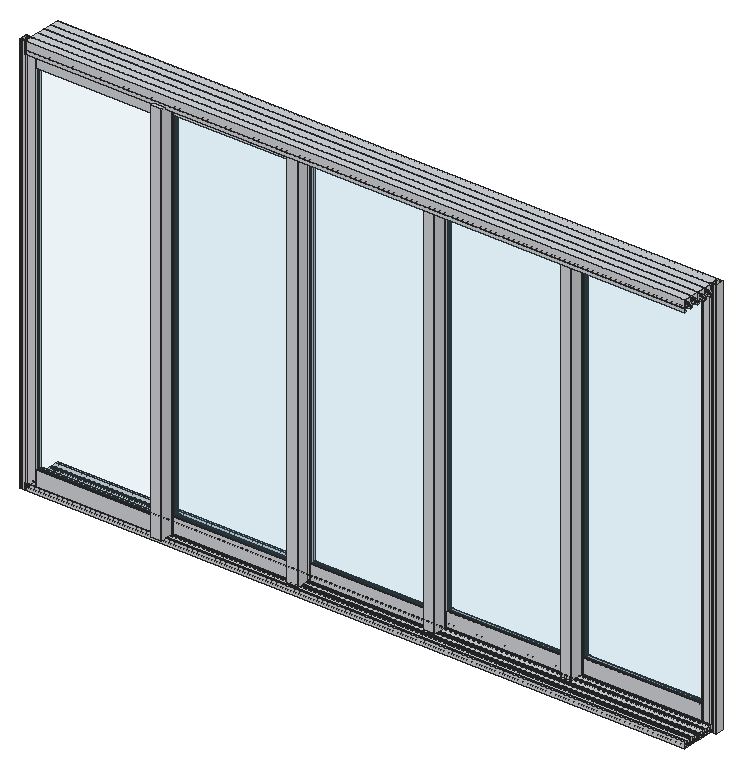
Revit family "MT-HB_SLIDING DOOR_XXXXX", category Doors, host Wall, Revit 2017 (continued)
Definition of nested family "HB_SLIDING_GLAZED PANEL_XX_TYPE 1"
  Definition of nested family "DETAIL_DBL_HB_BOTTOM RAIL"
    Lines and regions (mm)
      model lines, in view "Ref. Level"
        curve 108: line (12.75, -24.699, 0) -> (4.606, -24.699, 0)
        curve 109: line (4.106, -24.199, 0) -> (4.106, -22.199, 0)
        curve 110: line (4.606, -21.699, 0) -> (5.371, -21.699, 0)
        curve 111: line (5.725, -21.846, 0) -> (6.187, -22.308, 0)
        curve 112: line (6.47, -22.308, 0) -> (6.823, -21.954, 0)
        curve 113: line (6.97, -21.601, 0) -> (6.97, -20.499, 0)
        curve 114: line (6.524, -20.002, 0) -> (-20, -20.002, 0)
        curve 115: line (-20.5, -19.502, 0) -> (-20.5, -8.615, 0)
        curve 116: line (-18.599, -9.39, 0) -> (-17.097, -9.39, 0)
        curve 117: line (-16.002, -9.606, 0) -> (-16.002, -7.521, 0)
        curve 118: line (-16.802, -7.495, 0) -> (-16.802, -8.2, 0)
        curve 119: line (-16.802, -8.2, 0) -> (-17.936, -8.2, 0)
        curve 120: arc (-17.936, -8.2, 0) -> (-18.111, -7.683, 0) -> (-18.249, -7.155, 0) r 7.567
        curve 121: arc (-18.249, -7.155, 0) -> (-18.319, -7.043, 0) -> (-18.444, -6.999, 0) r 0.2
    Dimensions and locks
      aligned and locked: plane 1 "Center (Front/Back)" to import instance
    Automatic sketch dimensions
      curve 9 to curve 42 = 0 mm  (x3)
      curve 23 to curve 50 = 0.1 mm
      curve 23 to curve 50 = 0 mm
      curve 26 to curve 120 = 0 mm  (x2)
      curve 32 to plane 4 = 0 mm
      plane 1 "Center (Front/Back)" to curve 87 = 0 mm
      curve 32 to plane 6 = 0 mm
      curve 99 to plane 6 = 0 mm
      curve 100 to plane 5 = 0 mm
      plane 4 to curve 87 = 0.4 mm
      curve 88 to curve 32 = 0.5 mm
      plane 6 to curve 33 = 0.5 mm
      curve 32 to curve 33 = 1 mm
      plane 4 to curve 115 = 2 mm
      plane 4 to curve 59 = 2 mm
      curve 78 to curve 2 = 0 mm
      curve 75 to curve 78 = 0 mm
      curve 78 to curve 77 = 0.132 mm
      curve 59 to curve 58 = 0.132 mm
      curve 78 to curve 57 = 0.132 mm
      curve 75 to curve 76 = 0.132 mm
      curve 78 to curve 21 = 0.2 mm
      curve 59 to curve 2 = 0.2 mm
      curve 75 to curve 19 = 0.2 mm
      curve 78 to curve 22 = 0.2 mm
      curve 115 to curve 49 = 0.5 mm
      curve 115 to curve 48 = 0.5 mm
      curve 3 to curve 60 = 0.5 mm
      curve 34 to curve 34 = 0.5 mm
      curve 75 to curve 74 = 0.5 mm
      curve 49 to curve 80 = 0 mm
      plane 1 "Center (Front/Back)" to curve 30 = 0.4 mm
      curve 31 to curve 30 = 2.4 mm
      curve 49 to curve 51 = 0.434 mm
      curve 24 to curve 24 = 0.5 mm
      curve 80 to curve 23 = 0.5 mm
      curve 2 to curve 1 = 1.168 mm
      curve 19 to curve 20 = 1.168 mm
      curve 20 to curve 77 = 0.103 mm
      curve 1 to curve 57 = 0.103 mm
      curve 1 to curve 58 = 0.103 mm
      curve 20 to curve 76 = 0.103 mm
      curve 29 to curve 29 = 0.5 mm
      curve 51 to curve 53 = 0.967 mm
      curve 24 to curve 81 = 1.052 mm
      curve 50 to curve 79 = 0.956 mm
      curve 81 to curve 25 = 0.008 mm
      curve 121 to curve 119 = 0.509 mm
      curve 25 to curve 82 = 0.511 mm
      curve 119 to curve 116 = 0.838 mm
      curve 120 to curve 118 = 1.134 mm
      curve 26 to curve 82 = 1.13 mm
      curve 54 to curve 55 = 0.695 mm
      curve 118 to curve 56 = 0.4 mm
      curve 82 to curve 28 = 0.4 mm
      curve 27 to curve 27 = 0.4 mm
      curve 56 to curve 117 = 0.399 mm
      curve 28 to curve 84 = 0.4 mm
      curve 3 to curve 60 = 4 mm
      curve 4 to curve 61 = 0.5 mm
      curve 5 to curve 62 = 0.5 mm
      curve 5 to curve 6 = 1 mm
      curve 91 to curve 92 = 6.25 mm
      curve 6 to curve 63 = 0.5 mm
      curve 91 to curve 92 = 0.5 mm
      curve 7 to curve 64 = 0.5 mm
      curve 92 to curve 93 = 0.5 mm
      curve 27 to curve 52 = 5.136 mm
      curve 52 to curve 120 = 0 mm
      plane 3 "Center (Left/Right)" to curve 64 = 1.606 mm
      curve 8 to curve 65 = 0.5 mm
      curve 9 to curve 109 = 2 mm
      curve 42 to curve 42 = 0.5 mm
      curve 43 to curve 110 = 0.5 mm
      curve 43 to curve 44 = 0.765 mm
      curve 44 to curve 111 = 0.354 mm
      curve 111 to curve 111 = 0.462 mm
      curve 111 to curve 45 = 0.141 mm  (x2)
      curve 44 to curve 47 = 0.745 mm
      curve 45 to curve 112 = 0.141 mm
      curve 45 to curve 46 = 0.141 mm
      curve 47 to curve 114 = 0.054 mm
      curve 46 to curve 112 = 0.354 mm
      curve 47 to curve 113 = 0.5 mm
      curve 94 to plane 5 = 9.75 mm
      curve 112 to curve 107 = 5.927 mm
      curve 94 to curve 96 = 0.5 mm
      curve 107 to curve 107 = 0.5 mm  (x2)
      curve 106 to curve 106 = 0.5 mm
      curve 95 to curve 97 = 0.5 mm
      curve 71 to plane 5 = 3.403 mm
      curve 68 to curve 69 = 0 mm
      curve 72 to curve 71 = 0 mm
      curve 68 to curve 12 = 0.103 mm
      curve 71 to curve 15 = 0.103 mm
      curve 102 to plane 5 = 3.046 mm
      curve 39 to curve 39 = 0.354 mm
      curve 10 to plane 5 = 2.5 mm
      curve 17 to plane 5 = 2.5 mm
      curve 35 to plane 5 = 2.5 mm
      curve 15 to curve 14 = 1.203 mm
      curve 72 to curve 16 = 1.203 mm
      curve 12 to curve 13 = 1.203 mm
      curve 68 to curve 11 = 1.203 mm
      curve 11 to curve 68 = 0.068 mm
      curve 13 to curve 69 = 0.068 mm
      curve 14 to curve 71 = 0.068 mm
      curve 16 to curve 72 = 0.068 mm
      curve 103 to curve 41 = 0.604 mm
      curve 16 to curve 73 = 0.2 mm
      curve 14 to curve 70 = 0.2 mm
      curve 11 to curve 67 = 0.2 mm
      curve 35 to curve 98 = 0.5 mm
      curve 103 to curve 40 = 0.704 mm
      curve 40 to curve 104 = 0.2 mm
      curve 36 to curve 36 = 0.5 mm
      curve 101 to plane 5 = 0.817 mm
      curve 37 to plane 5 = 0.416 mm
      curve 99 to plane 5 = 0.4 mm
      curve 101 to plane 5 = 0.2 mm
      plane 6 to curve 37 = 0.423 mm
      curve 33 to curve 90 = 46.503 mm
      curve 98 to curve 91 = 0.5 mm
      curve 91 to curve 93 = 0 mm
      curve 91 to curve 74 = 2.5 mm
      curve 73 to curve 16 = 7.348 mm
      curve 18 to curve 19 = 7.348 mm
      curve 19 to curve 76 = 0.463 mm
      curve 16 to curve 72 = 0.463 mm
      curve 20 to curve 20 = 0.282 mm
      curve 15 to curve 15 = 0.282 mm
      curve 77 to curve 77 = 0.463 mm
      curve 71 to curve 71 = 0.463 mm
      curve 21 to curve 22 = 23.874 mm
      curve 14 to curve 13 = 23.874 mm
      curve 13 to curve 69 = 0.463 mm
      curve 22 to curve 57 = 0.463 mm
      curve 69 to curve 12 = 0.282 mm
      curve 57 to curve 1 = 0.282 mm
      curve 1 to curve 58 = 0.463 mm
      curve 68 to curve 68 = 0.463 mm
      curve 67 to curve 67 = 7.348 mm
      curve 1 to curve 62 = 8.499 mm
      curve 104 to curve 104 = 1.2 mm
      curve 9 to curve 65 = 1.697 mm
      curve 61 to curve 7 = 0 mm
      curve 39 to curve 39 = 0.5 mm
      curve 42 to curve 112 = 1.891 mm
      curve 42 to curve 109 = 2 mm
      curve 44 to curve 44 = 0.5 mm
      curve 112 to curve 112 = 0.354 mm
      curve 46 to curve 113 = 1.101 mm
      curve 40 to curve 100 = 2.8 mm
      curve 54 to curve 30 = 9.29 mm
      curve 54 to curve 55 = 0.083 mm
      curve 54 to curve 116 = 0.3 mm
      curve 53 to curve 53 = 0.2 mm
      curve 53 to curve 51 = 0.497 mm
      curve 51 to curve 115 = 0.077 mm
      curve 54 to curve 118 = 1.19 mm
      curve 118 to curve 117 = 0.679 mm
      curve 120 to curve 121 = 1.001 mm
      curve 121 to curve 79 = 0.2 mm
      curve 79 to curve 23 = 0.5 mm
      curve 56 to curve 52 = 2.014 mm
      curve 52 to curve 26 = 0 mm
      curve 80 to curve 80 = 2 mm
      curve 81 to curve 25 = 0.2 mm
      curve 25 to curve 84 = 0.338 mm
      curve 25 to curve 82 = 1.044 mm
      curve 82 to curve 28 = 0.799 mm
      curve 50 to curve 49 = 0 mm
      curve 51 to curve 50 = 0 mm
      curve 79 to curve 23 = 0 mm
      curve 23 to curve 79 = 0 mm
      curve 52 to curve 51 = 0 mm
      curve 114 to curve 48 = 0 mm
      curve 69 to curve 13 = 1.403 mm
  Definition of nested family "DETAIL_HB422_DBL_LOCK STILE"
    Reference planes
      plane 1 "Center (Front/Back)": y = 0
      plane 2: z = 0
      plane 3 "Center (Left/Right)": x = 0
    Lines and regions (mm)
      model lines, in view "Ref. Level"
        curve 1: arc (48, -20.3, 0) -> (47.941, -20.441, 0) -> (47.8, -20.5, 0) r 0.2
        curve 2: arc (8.79, -20.5, 0) -> (8.436, -20.354, 0) -> (8.29, -20, 0) r 0.5
        curve 3: arc (8.29, -16, 0) -> (7.997, -15.293, 0) -> (7.29, -15, 0) r 1
        curve 4: arc (2.8, -15, 0) -> (2.446, -14.854, 0) -> (2.3, -14.5, 0) r 0.5
        curve 5: arc (2.3, 14.5, 0) -> (2.446, 14.854, 0) -> (2.8, 15, 0) r 0.5
        curve 6: arc (7.29, 15, 0) -> (7.997, 15.293, 0) -> (8.29, 16, 0) r 1
        curve 7: arc (8.29, 20, 0) -> (8.436, 20.354, 0) -> (8.79, 20.5, 0) r 0.5
        curve 8: arc (47.8, 20.5, 0) -> (47.941, 20.441, 0) -> (48, 20.3, 0) r 0.2
        curve 9: arc (76.142, -18.25, 0) -> (75.86, -18.425, 0) -> (75.75, -18.738, 0) r 0.5
        curve 10: arc (75.75, -19, 0) -> (75.604, -19.354, 0) -> (75.25, -19.5, 0) r 0.5
        curve 11: arc (73.75, -19.5, 0) -> (73.396, -19.354, 0) -> (73.25, -19, 0) r 0.5
        curve 12: arc (73.25, -18.738, 0) -> (73.14, -18.425, 0) -> (72.858, -18.25, 0) r 0.5
        curve 13: arc (72.858, -18.25, 0) -> (72.394, -18.131, 0) -> (71.937, -17.983, 0) r 7.567
        curve 14: arc (71.937, -17.983, 0) -> (71.841, -17.91, 0) -> (71.805, -17.795, 0) r 0.2
        curve 15: arc (71.805, -17.2, 0) -> (71.922, -16.917, 0) -> (72.205, -16.8, 0) r 0.4
        curve 16: arc (72.7, -16.8, 0) -> (72.841, -16.741, 0) -> (72.9, -16.6, 0) r 0.2
        curve 17: arc (72.9, -16.2, 0) -> (72.841, -16.059, 0) -> (72.7, -16, 0) r 0.2
        curve 18: arc (69.205, -16, 0) -> (68.922, -16.117, 0) -> (68.805, -16.4, 0) r 0.4
        curve 19: arc (68.805, -17.558, 0) -> (68.859, -17.758, 0) -> (69.005, -17.904, 0) r 0.4
        curve 20: arc (69.9, -18.421, 0) -> (70.046, -18.567, 0) -> (70.1, -18.767, 0) r 0.4
        curve 21: arc (70.1, -20.1, 0) -> (69.983, -20.383, 0) -> (69.7, -20.5, 0) r 0.4
        curve 22: arc (50.5, -20.5, 0) -> (50.146, -20.354, 0) -> (50, -20, 0) r 0.5
        curve 23: arc (50, 20, 0) -> (50.146, 20.354, 0) -> (50.5, 20.5, 0) r 0.5
        curve 24: arc (69.7, 20.5, 0) -> (69.983, 20.383, 0) -> (70.1, 20.1, 0) r 0.4
        curve 25: arc (70.1, 18.767, 0) -> (70.046, 18.567, 0) -> (69.9, 18.421, 0) r 0.4
        curve 26: arc (69.005, 17.904, 0) -> (68.859, 17.758, 0) -> (68.805, 17.558, 0) r 0.4
        curve 27: arc (68.805, 16.4, 0) -> (68.922, 16.117, 0) -> (69.205, 16, 0) r 0.4
        curve 28: arc (72.7, 16, 0) -> (72.841, 16.059, 0) -> (72.9, 16.2, 0) r 0.2
        curve 29: arc (72.9, 16.6, 0) -> (72.841, 16.741, 0) -> (72.7, 16.8, 0) r 0.2
        curve 30: arc (72.205, 16.8, 0) -> (71.922, 16.917, 0) -> (71.805, 17.2, 0) r 0.4
        curve 31: arc (71.805, 17.795, 0) -> (71.841, 17.91, 0) -> (71.937, 17.983, 0) r 0.2
        curve 32: arc (71.937, 17.983, 0) -> (72.394, 18.131, 0) -> (72.858, 18.25, 0) r 7.567
        curve 33: arc (72.858, 18.25, 0) -> (73.14, 18.425, 0) -> (73.25, 18.738, 0) r 0.5
        curve 34: arc (73.25, 19, 0) -> (73.396, 19.354, 0) -> (73.75, 19.5, 0) r 0.5
        curve 35: arc (75.25, 19.5, 0) -> (75.604, 19.354, 0) -> (75.75, 19, 0) r 0.5
        curve 36: arc (75.75, 18.738, 0) -> (75.86, 18.425, 0) -> (76.142, 18.25, 0) r 0.5
        curve 37: arc (76.142, 18.25, 0) -> (76.612, 18.129, 0) -> (77.073, 17.979, 0) r 7.567
        curve 38: arc (77.073, 17.979, 0) -> (77.169, 17.906, 0) -> (77.205, 17.791, 0) r 0.2
        curve 39: arc (77.205, 17.2, 0) -> (77.088, 16.917, 0) -> (76.805, 16.8, 0) r 0.4
        curve 40: arc (76.3, 16.8, 0) -> (76.159, 16.741, 0) -> (76.1, 16.6, 0) r 0.2
        curve 41: arc (76.1, 16.2, 0) -> (76.159, 16.059, 0) -> (76.3, 16, 0) r 0.2
        curve 42: arc (78, 16, 0) -> (78.283, 16.117, 0) -> (78.4, 16.4, 0) r 0.4
        curve 43: arc (78.4, 18.7, 0) -> (78.546, 19.054, 0) -> (78.9, 19.2, 0) r 0.5
        curve 44: arc (79.6, 19.2, 0) -> (79.883, 19.317, 0) -> (80, 19.6, 0) r 0.4
        curve 45: arc (80, 22, 0) -> (79.854, 22.354, 0) -> (79.5, 22.5, 0) r 0.5
        curve 46: arc (2.837, 22.5, 0) -> (2.552, 22.411, 0) -> (2.369, 22.175, 0) r 0.5
        curve 47: arc (2.369, 22.175, 0) -> (2.056, 21.318, 0) -> (1.756, 20.456, 0) r 63.5
        curve 48: arc (1.756, 20.456, 0) -> (2.151, 19.801, 0) -> (2.73, 20.3, 0) r 0.5
        curve 49: arc (1.71, 17, 0) -> (1.28, 17.5, 0) -> (0.728, 17.14, 0) r 0.5
        curve 50: arc (0.728, 17.14, 0) -> (0.355, 15.747, 0) -> (0.013, 14.346, 0) r 63.5
        curve 51: arc (0.013, -14.346, 0) -> (0.355, -15.747, 0) -> (0.728, -17.14, 0) r 63.5
        curve 52: arc (0.728, -17.14, 0) -> (1.28, -17.5, 0) -> (1.71, -17, 0) r 0.5
        curve 53: arc (2.73, -20.3, 0) -> (2.151, -19.801, 0) -> (1.756, -20.456, 0) r 0.5
        curve 54: arc (1.756, -20.456, 0) -> (2.056, -21.318, 0) -> (2.369, -22.175, 0) r 63.5
        curve 55: arc (2.369, -22.175, 0) -> (2.552, -22.411, 0) -> (2.837, -22.5, 0) r 0.5
        curve 56: arc (79.5, -22.5, 0) -> (79.854, -22.354, 0) -> (80, -22, 0) r 0.5
        curve 57: arc (80, -19.6, 0) -> (79.883, -19.317, 0) -> (79.6, -19.2, 0) r 0.4
        curve 58: arc (78.9, -19.2, 0) -> (78.546, -19.054, 0) -> (78.4, -18.7, 0) r 0.5
        curve 59: arc (78.4, -16.4, 0) -> (78.283, -16.117, 0) -> (78, -16, 0) r 0.4
        curve 60: arc (76.3, -16, 0) -> (76.159, -16.059, 0) -> (76.1, -16.2, 0) r 0.2
        curve 61: arc (76.1, -16.6, 0) -> (76.159, -16.741, 0) -> (76.3, -16.8, 0) r 0.2
        curve 62: arc (76.805, -16.8, 0) -> (77.088, -16.917, 0) -> (77.205, -17.2, 0) r 0.4
        curve 63: line (47.8, -20.5, 0) -> (8.79, -20.5, 0)
        curve 64: line (8.29, -20, 0) -> (8.29, -16, 0)
        curve 65: line (7.29, -15, 0) -> (2.8, -15, 0)
        curve 66: line (2.3, -14.5, 0) -> (2.3, 14.5, 0)
        curve 67: line (2.8, 15, 0) -> (7.29, 15, 0)
        curve 68: line (8.29, 16, 0) -> (8.29, 20, 0)
        curve 69: line (8.79, 20.5, 0) -> (47.8, 20.5, 0)
        curve 70: line (48, 20.3, 0) -> (48, -20.3, 0)
        curve 71: line (75.75, -18.738, 0) -> (75.75, -19, 0)
        curve 72: line (75.25, -19.5, 0) -> (73.75, -19.5, 0)
        curve 73: line (73.25, -19, 0) -> (73.25, -18.738, 0)
        curve 74: line (71.805, -17.795, 0) -> (71.805, -17.2, 0)
        curve 75: line (72.205, -16.8, 0) -> (72.7, -16.8, 0)
        curve 76: line (72.9, -16.6, 0) -> (72.9, -16.2, 0)
        curve 77: line (72.7, -16, 0) -> (69.205, -16, 0)
        curve 78: line (68.805, -16.4, 0) -> (68.805, -17.558, 0)
        curve 79: line (69.005, -17.904, 0) -> (69.9, -18.421, 0)
        curve 80: line (70.1, -18.767, 0) -> (70.1, -20.1, 0)
        curve 81: line (69.7, -20.5, 0) -> (50.5, -20.5, 0)
        curve 82: line (50, -20, 0) -> (50, -0.383, 0)
        curve 83: line (50, -0.383, 0) -> (49.7, 0, 0)
        curve 84: line (49.7, 0, 0) -> (49.941, 0.241, 0)
        curve 85: line (49.941, 0.241, 0) -> (50, 20, 0)
        curve 86: line (50.5, 20.5, 0) -> (69.7, 20.5, 0)
        curve 87: line (70.1, 20.1, 0) -> (70.1, 18.767, 0)
        curve 88: line (69.9, 18.421, 0) -> (69.005, 17.904, 0)
        curve 89: line (68.805, 17.558, 0) -> (68.805, 16.4, 0)
        curve 90: line (69.205, 16, 0) -> (72.7, 16, 0)
        curve 91: line (72.9, 16.2, 0) -> (72.9, 16.6, 0)
        curve 92: line (72.7, 16.8, 0) -> (72.205, 16.8, 0)
        curve 93: line (71.805, 17.2, 0) -> (71.805, 17.795, 0)
        curve 94: line (73.25, 18.738, 0) -> (73.25, 19, 0)
        curve 95: line (73.75, 19.5, 0) -> (75.25, 19.5, 0)
        curve 96: line (75.75, 19, 0) -> (75.75, 18.738, 0)
        curve 97: line (77.205, 17.791, 0) -> (77.205, 17.2, 0)
        curve 98: line (76.805, 16.8, 0) -> (76.3, 16.8, 0)
        curve 99: line (76.1, 16.6, 0) -> (76.1, 16.2, 0)
        curve 100: line (76.3, 16, 0) -> (78, 16, 0)
        curve 101: line (78.4, 16.4, 0) -> (78.4, 18.7, 0)
        curve 102: line (78.9, 19.2, 0) -> (79.6, 19.2, 0)
        curve 103: line (80, 19.6, 0) -> (80, 22, 0)
        curve 104: line (79.5, 22.5, 0) -> (2.837, 22.5, 0)
        curve 105: line (2.73, 20.3, 0) -> (6.29, 20.3, 0)
        curve 106: line (6.29, 20.3, 0) -> (6.29, 17, 0)
        curve 107: line (6.29, 17, 0) -> (1.71, 17, 0)
        curve 108: line (0, 14.233, 0) -> (0, -14.233, 0)
        curve 109: line (1.71, -17, 0) -> (6.29, -17, 0)
        curve 110: line (6.29, -17, 0) -> (6.29, -20.3, 0)
        curve 111: line (6.29, -20.3, 0) -> (2.73, -20.3, 0)
        curve 112: line (2.837, -22.5, 0) -> (79.5, -22.5, 0)
        curve 113: line (80, -22, 0) -> (80, -19.6, 0)
        curve 114: line (79.6, -19.2, 0) -> (78.9, -19.2, 0)
        curve 115: line (78.4, -18.7, 0) -> (78.4, -16.4, 0)
        curve 116: line (78, -16, 0) -> (76.3, -16, 0)
        curve 117: line (76.1, -16.2, 0) -> (76.1, -16.6, 0)
        curve 118: line (76.3, -16.8, 0) -> (76.805, -16.8, 0)
        curve 119: line (77.205, -17.2, 0) -> (77.205, -17.791, 0)
        curve 120: arc (77.205, -17.791, 0) -> (77.169, -17.906, 0) -> (77.073, -17.979, 0) r 0.2
        curve 121: arc (77.073, -17.979, 0) -> (76.612, -18.129, 0) -> (76.142, -18.25, 0) r 7.567
  Definition of nested family "DETAIL_HB22_DBL_LOCK STILE"
    Reference planes
      plane 1 "Center (Front/Back)": y = 0
      plane 2: z = 0
      plane 3 "Center (Left/Right)": x = 0
    Lines and regions (mm)
      model lines, in view "Ref. Level"
        curve 1: arc (2.309, -22.175, 0) -> (1.996, -21.318, 0) -> (1.696, -20.456, 0) r 63.5
        curve 2: arc (1.696, -20.456, 0) -> (2.09, -19.801, 0) -> (2.67, -20.3, 0) r 0.5
        curve 3: arc (1.649, -17, 0) -> (1.22, -17.5, 0) -> (0.668, -17.14, 0) r 0.5
        curve 4: arc (0.668, -17.14, 0) -> (0.295, -15.747, 0) -> (-0.047, -14.346, 0) r 63.5
        curve 5: arc (-0.047, 14.346, 0) -> (0.295, 15.747, 0) -> (0.668, 17.14, 0) r 63.5
        curve 6: arc (0.668, 17.14, 0) -> (1.22, 17.5, 0) -> (1.649, 17, 0) r 0.5
        curve 7: arc (2.67, 20.3, 0) -> (2.09, 19.801, 0) -> (1.696, 20.456, 0) r 0.5
        curve 8: arc (1.696, 20.456, 0) -> (1.996, 21.318, 0) -> (2.309, 22.175, 0) r 63.5
        curve 9: arc (2.309, 22.175, 0) -> (2.492, 22.411, 0) -> (2.777, 22.5, 0) r 0.5
        curve 10: arc (74.74, 22.5, 0) -> (74.881, 22.441, 0) -> (74.94, 22.3, 0) r 0.2
        curve 11: arc (74.94, 13.1, 0) -> (74.823, 12.817, 0) -> (74.54, 12.7, 0) r 0.4
        curve 12: arc (73.84, 12.7, 0) -> (73.486, 12.554, 0) -> (73.34, 12.2, 0) r 0.5
        curve 13: arc (73.34, 9.9, 0) -> (73.223, 9.617, 0) -> (72.94, 9.5, 0) r 0.4
        curve 14: arc (71.24, 9.5, 0) -> (71.098, 9.559, 0) -> (71.04, 9.7, 0) r 0.2
        curve 15: arc (71.04, 10.1, 0) -> (71.098, 10.241, 0) -> (71.24, 10.3, 0) r 0.2
        curve 16: arc (71.945, 10.3, 0) -> (72.086, 10.359, 0) -> (72.145, 10.5, 0) r 0.2
        curve 17: arc (72.145, 11.291, 0) -> (72.109, 11.406, 0) -> (72.013, 11.479, 0) r 0.2
        curve 18: arc (72.013, 11.479, 0) -> (69.445, 11.93, 0) -> (66.877, 11.483, 0) r 7.567
        curve 19: arc (66.877, 11.483, 0) -> (66.781, 11.41, 0) -> (66.745, 11.295, 0) r 0.2
        curve 20: arc (66.745, 10.5, 0) -> (66.803, 10.359, 0) -> (66.945, 10.3, 0) r 0.2
        curve 21: arc (67.64, 10.3, 0) -> (67.781, 10.241, 0) -> (67.84, 10.1, 0) r 0.2
        curve 22: arc (67.84, 9.7, 0) -> (67.781, 9.559, 0) -> (67.64, 9.5, 0) r 0.2
        curve 23: arc (65.079, 9.5, 0) -> (64.926, 9.571, 0) -> (64.882, 9.735, 0) r 0.2
        curve 24: arc (65.375, 12.531, 0) -> (65.588, 12.993, 0) -> (66.001, 13.29, 0) r 1
        curve 25: arc (66.001, 13.29, 0) -> (68.334, 13.866, 0) -> (70.737, 13.842, 0) r 9.567
        curve 26: arc (70.737, 13.842, 0) -> (71.926, 14.198, 0) -> (72.44, 15.328, 0) r 1.5
        curve 27: arc (72.44, 20, 0) -> (72.293, 20.354, 0) -> (71.94, 20.5, 0) r 0.5
        curve 28: arc (50.14, 20.5, 0) -> (49.998, 20.441, 0) -> (49.94, 20.3, 0) r 0.2
        curve 29: arc (49.94, -20.3, 0) -> (49.998, -20.441, 0) -> (50.14, -20.5, 0) r 0.2
        curve 30: arc (71.94, -20.5, 0) -> (72.293, -20.354, 0) -> (72.44, -20, 0) r 0.5
        curve 31: arc (72.44, -15.328, 0) -> (71.926, -14.198, 0) -> (70.737, -13.842, 0) r 1.5
        curve 32: arc (70.737, -13.842, 0) -> (68.334, -13.866, 0) -> (66.001, -13.29, 0) r 9.567
        curve 33: arc (66.001, -13.29, 0) -> (65.588, -12.993, 0) -> (65.375, -12.531, 0) r 1
        curve 34: arc (64.882, -9.735, 0) -> (64.926, -9.571, 0) -> (65.079, -9.5, 0) r 0.2
        curve 35: arc (67.64, -9.5, 0) -> (67.781, -9.559, 0) -> (67.84, -9.7, 0) r 0.2
        curve 36: arc (67.84, -10.1, 0) -> (67.781, -10.241, 0) -> (67.64, -10.3, 0) r 0.2
        curve 37: arc (66.945, -10.3, 0) -> (66.803, -10.359, 0) -> (66.745, -10.5, 0) r 0.2
        curve 38: arc (66.745, -11.295, 0) -> (66.781, -11.41, 0) -> (66.877, -11.483, 0) r 0.2
        curve 39: arc (66.877, -11.483, 0) -> (69.445, -11.93, 0) -> (72.013, -11.479, 0) r 7.567
        curve 40: arc (72.013, -11.479, 0) -> (72.109, -11.406, 0) -> (72.145, -11.291, 0) r 0.2
        curve 41: arc (72.145, -10.5, 0) -> (72.086, -10.359, 0) -> (71.945, -10.3, 0) r 0.2
        curve 42: arc (71.24, -10.3, 0) -> (71.098, -10.241, 0) -> (71.04, -10.1, 0) r 0.2
        curve 43: arc (71.04, -9.7, 0) -> (71.098, -9.559, 0) -> (71.24, -9.5, 0) r 0.2
        curve 44: arc (72.94, -9.5, 0) -> (73.223, -9.617, 0) -> (73.34, -9.9, 0) r 0.4
        curve 45: arc (73.34, -12.2, 0) -> (73.486, -12.554, 0) -> (73.84, -12.7, 0) r 0.5
        curve 46: arc (74.54, -12.7, 0) -> (74.823, -12.817, 0) -> (74.94, -13.1, 0) r 0.4
        curve 47: arc (74.94, -22.3, 0) -> (74.881, -22.441, 0) -> (74.74, -22.5, 0) r 0.2
        curve 48: arc (2.777, -22.5, 0) -> (2.492, -22.411, 0) -> (2.309, -22.175, 0) r 0.5
        curve 49: arc (47.94, 20.3, 0) -> (47.881, 20.441, 0) -> (47.74, 20.5, 0) r 0.2
        curve 50: arc (8.73, 20.5, 0) -> (8.376, 20.354, 0) -> (8.23, 20, 0) r 0.5
        curve 51: arc (8.23, 16, 0) -> (7.937, 15.293, 0) -> (7.23, 15, 0) r 1
        curve 52: arc (2.74, 15, 0) -> (2.386, 14.854, 0) -> (2.24, 14.5, 0) r 0.5
        curve 53: arc (2.24, -14.5, 0) -> (2.386, -14.854, 0) -> (2.74, -15, 0) r 0.5
        curve 54: arc (7.23, -15, 0) -> (7.937, -15.293, 0) -> (8.23, -16, 0) r 1
        curve 55: arc (8.23, -20, 0) -> (8.376, -20.354, 0) -> (8.73, -20.5, 0) r 0.5
        curve 56: arc (47.74, -20.5, 0) -> (47.881, -20.441, 0) -> (47.94, -20.3, 0) r 0.2
        curve 57: line (2.67, -20.3, 0) -> (6.23, -20.3, 0)
        curve 58: line (6.23, -20.3, 0) -> (6.23, -17, 0)
        curve 59: line (6.23, -17, 0) -> (1.649, -17, 0)
        curve 60: line (-0.06, -14.233, 0) -> (-0.06, -0.464, 0)
        curve 61: line (-0.06, -0.464, 0) -> (0.338, 0.017, 0)
        curve 62: line (0.338, 0.017, 0) -> (-0.002, 0.357, 0)
        curve 63: line (-0.002, 0.357, 0) -> (-0.06, 14.233, 0)
        curve 64: line (1.649, 17, 0) -> (6.23, 17, 0)
        curve 65: line (6.23, 17, 0) -> (6.23, 20.3, 0)
        curve 66: line (6.23, 20.3, 0) -> (2.67, 20.3, 0)
        curve 67: line (2.777, 22.5, 0) -> (74.74, 22.5, 0)
        curve 68: line (74.94, 22.3, 0) -> (74.94, 13.1, 0)
        curve 69: line (74.54, 12.7, 0) -> (73.84, 12.7, 0)
        curve 70: line (73.34, 12.2, 0) -> (73.34, 9.9, 0)
        curve 71: line (72.94, 9.5, 0) -> (71.24, 9.5, 0)
        curve 72: line (71.04, 9.7, 0) -> (71.04, 10.1, 0)
        curve 73: line (71.24, 10.3, 0) -> (71.945, 10.3, 0)
        curve 74: line (72.145, 10.5, 0) -> (72.145, 11.291, 0)
        curve 75: line (66.745, 11.295, 0) -> (66.745, 10.5, 0)
        curve 76: line (66.945, 10.3, 0) -> (67.64, 10.3, 0)
        curve 77: line (67.84, 10.1, 0) -> (67.84, 9.7, 0)
        curve 78: line (67.64, 9.5, 0) -> (65.079, 9.5, 0)
        curve 79: line (64.882, 9.735, 0) -> (65.375, 12.531, 0)
        curve 80: line (72.44, 15.328, 0) -> (72.44, 20, 0)
        curve 81: line (71.94, 20.5, 0) -> (50.14, 20.5, 0)
        curve 82: line (49.94, 20.3, 0) -> (49.94, 0.383, 0)
        curve 83: line (49.94, 0.383, 0) -> (49.64, 0, 0)
        curve 84: line (49.64, 0, 0) -> (49.881, -0.241, 0)
        curve 85: line (49.881, -0.241, 0) -> (49.94, -20.3, 0)
        curve 86: line (50.14, -20.5, 0) -> (71.94, -20.5, 0)
        curve 87: line (72.44, -20, 0) -> (72.44, -15.328, 0)
        curve 88: line (65.375, -12.531, 0) -> (64.882, -9.735, 0)
        curve 89: line (65.079, -9.5, 0) -> (67.64, -9.5, 0)
        curve 90: line (67.84, -9.7, 0) -> (67.84, -10.1, 0)
        curve 91: line (67.64, -10.3, 0) -> (66.945, -10.3, 0)
        curve 92: line (66.745, -10.5, 0) -> (66.745, -11.295, 0)
        curve 93: line (72.145, -11.291, 0) -> (72.145, -10.5, 0)
        curve 94: line (71.945, -10.3, 0) -> (71.24, -10.3, 0)
        curve 95: line (71.04, -10.1, 0) -> (71.04, -9.7, 0)
        curve 96: line (71.24, -9.5, 0) -> (72.94, -9.5, 0)
        curve 97: line (73.34, -9.9, 0) -> (73.34, -12.2, 0)
        curve 98: line (73.84, -12.7, 0) -> (74.54, -12.7, 0)
        curve 99: line (74.94, -13.1, 0) -> (74.94, -22.3, 0)
        curve 100: line (74.74, -22.5, 0) -> (2.777, -22.5, 0)
        curve 101: line (47.74, 20.5, 0) -> (8.73, 20.5, 0)
        curve 102: line (8.23, 20, 0) -> (8.23, 16, 0)
        curve 103: line (7.23, 15, 0) -> (2.74, 15, 0)
        curve 104: line (2.24, 14.5, 0) -> (2.24, -14.5, 0)
        curve 105: line (2.74, -15, 0) -> (7.23, -15, 0)
        curve 106: line (8.23, -16, 0) -> (8.23, -20, 0)
        curve 107: line (8.73, -20.5, 0) -> (47.74, -20.5, 0)
        curve 108: line (47.94, -20.3, 0) -> (47.94, 20.3, 0)
  Definition of nested family "DETAIL_HB107_SGL_MEDIUM INTERLOCK"
    Reference planes
      plane 1 "Center (Front/Back)": y = 0
      plane 2: z = 0
      plane 3 "Center (Left/Right)": x = 0
    Lines and regions (mm)
      detail lines, in view "Ref. Level"
        curve 1: arc (66.805, -10.5, 0) -> (66.864, -10.359, 0) -> (67.005, -10.3, 0) r 0.2
        curve 2: arc (66.937, -11.483, 0) -> (66.841, -11.41, 0) -> (66.805, -11.295, 0) r 0.2
        curve 3: arc (72.073, -11.479, 0) -> (69.505, -11.93, 0) -> (66.937, -11.483, 0) r 7.567
        curve 4: arc (72.205, -11.291, 0) -> (72.169, -11.406, 0) -> (72.073, -11.479, 0) r 0.2
        curve 5: arc (72.005, -10.3, 0) -> (72.146, -10.359, 0) -> (72.205, -10.5, 0) r 0.2
        curve 6: arc (71.3, -10.3, 0) -> (71.159, -10.241, 0) -> (71.1, -10.1, 0) r 0.2
        curve 7: arc (71.1, -9.7, 0) -> (71.159, -9.559, 0) -> (71.3, -9.5, 0) r 0.2
        curve 8: arc (73, -9.5, 0) -> (73.283, -9.617, 0) -> (73.4, -9.9, 0) r 0.4
        curve 9: arc (73.9, -12.7, 0) -> (73.546, -12.554, 0) -> (73.4, -12.2, 0) r 0.5
        curve 10: arc (74.6, -12.7, 0) -> (74.883, -12.817, 0) -> (75, -13.1, 0) r 0.4
        curve 11: arc (75, -59, 0) -> (73.975, -61.475, 0) -> (71.5, -62.5, 0) r 3.5
        curve 12: arc (3.5, -62.5, 0) -> (1.025, -61.475, 0) -> (0, -59, 0) r 3.5
        curve 13: arc (0, 33.55, 0) -> (0.879, 35.671, 0) -> (3, 36.55, 0) r 3
        curve 14: arc (5.67, 36.55, 0) -> (6.17, 36.05, 0) -> (5.67, 35.55, 0) r 0.5
        curve 15: arc (11.27, 35.55, 0) -> (10.77, 36.05, 0) -> (11.27, 36.55, 0) r 0.5
        curve 16: arc (13.42, 36.55, 0) -> (13.632, 36.462, 0) -> (13.72, 36.25, 0) r 0.3
        curve 17: arc (13.72, 33.254, 0) -> (13.427, 32.547, 0) -> (12.72, 32.254, 0) r 1
        curve 18: arc (2.5, 31.254, 0) -> (2.793, 31.962, 0) -> (3.5, 32.254, 0) r 1
        curve 19: arc (3.5, 22.5, 0) -> (2.793, 22.793, 0) -> (2.5, 23.5, 0) r 1
        curve 20: arc (27.976, 23, 0) -> (27.829, 22.646, 0) -> (27.476, 22.5, 0) r 0.5
        curve 21: arc (27.976, 31.1, 0) -> (28.708, 32.868, 0) -> (30.476, 33.6, 0) r 2.5
        curve 22: arc (42.407, 33.6, 0) -> (43.276, 32.79, 0) -> (42.528, 31.867, 0) r 0.871
        curve 23: arc (30.476, 29.303, 0) -> (30.721, 29.959, 0) -> (31.336, 30.294, 0) r 1
        curve 24: arc (30.976, 22.5, 0) -> (30.622, 22.646, 0) -> (30.476, 23, 0) r 0.5
        curve 25: arc (74.8, 22.5, 0) -> (74.941, 22.441, 0) -> (75, 22.3, 0) r 0.2
        curve 26: arc (75, 13.1, 0) -> (74.883, 12.817, 0) -> (74.6, 12.7, 0) r 0.4
        curve 27: arc (73.4, 12.2, 0) -> (73.546, 12.554, 0) -> (73.9, 12.7, 0) r 0.5
        curve 28: arc (73.4, 9.9, 0) -> (73.283, 9.617, 0) -> (73, 9.5, 0) r 0.4
        curve 29: arc (71.3, 9.5, 0) -> (71.159, 9.559, 0) -> (71.1, 9.7, 0) r 0.2
        curve 30: arc (71.1, 10.1, 0) -> (71.159, 10.241, 0) -> (71.3, 10.3, 0) r 0.2
        curve 31: arc (72.205, 10.5, 0) -> (72.146, 10.359, 0) -> (72.005, 10.3, 0) r 0.2
        curve 32: arc (72.073, 11.479, 0) -> (72.169, 11.406, 0) -> (72.205, 11.291, 0) r 0.2
        curve 33: arc (66.937, 11.483, 0) -> (69.505, 11.93, 0) -> (72.073, 11.479, 0) r 7.567
        curve 34: arc (66.805, 11.295, 0) -> (66.841, 11.41, 0) -> (66.937, 11.483, 0) r 0.2
        curve 35: arc (67.005, 10.3, 0) -> (66.864, 10.359, 0) -> (66.805, 10.5, 0) r 0.2
        curve 36: arc (67.7, 10.3, 0) -> (67.841, 10.241, 0) -> (67.9, 10.1, 0) r 0.2
        curve 37: arc (67.9, 9.7, 0) -> (67.841, 9.559, 0) -> (67.7, 9.5, 0) r 0.2
        curve 38: arc (65.139, 9.5, 0) -> (64.986, 9.571, 0) -> (64.942, 9.735, 0) r 0.2
        curve 39: arc (65.483, 12.804, 0) -> (65.585, 13.029, 0) -> (65.782, 13.178, 0) r 0.5
        curve 40: arc (65.782, 13.178, 0) -> (68.244, 13.847, 0) -> (70.797, 13.842, 0) r 9.567
        curve 41: arc (72.5, 15.328, 0) -> (71.986, 14.198, 0) -> (70.797, 13.842, 0) r 1.5
        curve 42: arc (71.5, 20, 0) -> (72.207, 19.707, 0) -> (72.5, 19, 0) r 1
        curve 43: arc (50, 19, 0) -> (50.293, 19.707, 0) -> (51, 20, 0) r 1
        curve 44: arc (51, -20, 0) -> (50.293, -19.707, 0) -> (50, -19, 0) r 1
        curve 45: arc (72.5, -19, 0) -> (72.207, -19.707, 0) -> (71.5, -20, 0) r 1
        curve 46: arc (70.797, -13.842, 0) -> (71.986, -14.198, 0) -> (72.5, -15.328, 0) r 1.5
        curve 47: arc (70.797, -13.842, 0) -> (68.244, -13.847, 0) -> (65.782, -13.178, 0) r 9.567
        curve 48: arc (65.782, -13.178, 0) -> (65.585, -13.029, 0) -> (65.483, -12.804, 0) r 0.5
        curve 49: arc (64.942, -9.735, 0) -> (64.986, -9.571, 0) -> (65.139, -9.5, 0) r 0.2
        curve 50: arc (67.7, -9.5, 0) -> (67.841, -9.559, 0) -> (67.9, -9.7, 0) r 0.2
        curve 51: arc (67.9, -10.1, 0) -> (67.841, -10.241, 0) -> (67.7, -10.3, 0) r 0.2
        curve 52: arc (36.988, 20, 0) -> (37.138, 19.96, 0) -> (37.248, 19.85, 0) r 0.3
        curve 53: arc (37.508, 19.7, 0) -> (37.358, 19.74, 0) -> (37.248, 19.85, 0) r 0.3
        curve 54: arc (38.988, 20, 0) -> (38.9, 19.788, 0) -> (38.688, 19.7, 0) r 0.3
        curve 55: arc (38.988, 20, 0) -> (39.076, 20.212, 0) -> (39.288, 20.3, 0) r 0.3
        curve 56: arc (40.468, 20.3, 0) -> (40.618, 20.26, 0) -> (40.728, 20.15, 0) r 0.3
        curve 57: arc (40.988, 20, 0) -> (40.838, 20.04, 0) -> (40.728, 20.15, 0) r 0.3
        curve 58: arc (46.5, 20, 0) -> (47.207, 19.707, 0) -> (47.5, 19, 0) r 1
        curve 59: arc (47.5, -19, 0) -> (47.207, -19.707, 0) -> (46.5, -20, 0) r 1
        curve 60: arc (3.5, -20, 0) -> (2.793, -19.707, 0) -> (2.5, -19, 0) r 1
        curve 61: arc (2.5, 19, 0) -> (2.793, 19.707, 0) -> (3.5, 20, 0) r 1
        curve 62: arc (72.5, -56.5, 0) -> (72.207, -57.207, 0) -> (71.5, -57.5, 0) r 1
        curve 63: arc (3.5, -57.5, 0) -> (2.793, -57.207, 0) -> (2.5, -56.5, 0) r 1
        curve 64: arc (2.5, -23.5, 0) -> (2.793, -22.793, 0) -> (3.5, -22.5, 0) r 1
        curve 65: line (66.805, -10.5, 0) -> (66.805, -11.295, 0)
        curve 66: line (72.205, -11.291, 0) -> (72.205, -10.5, 0)
        curve 67: line (72.005, -10.3, 0) -> (71.3, -10.3, 0)
        curve 68: line (71.1, -10.1, 0) -> (71.1, -9.7, 0)
        curve 69: line (71.3, -9.5, 0) -> (73, -9.5, 0)
        curve 70: line (73.4, -9.9, 0) -> (73.4, -12.2, 0)
        curve 71: line (73.9, -12.7, 0) -> (74.6, -12.7, 0)
        curve 72: line (75, -13.1, 0) -> (75, -59, 0)
        curve 73: line (71.5, -62.5, 0) -> (3.5, -62.5, 0)
        curve 74: line (0, -59, 0) -> (0, 33.55, 0)
        curve 75: line (3, 36.55, 0) -> (5.67, 36.55, 0)
        curve 76: line (5.67, 35.55, 0) -> (4.72, 35.55, 0)
        curve 77: line (4.72, 35.55, 0) -> (4.72, 34.25, 0)
        curve 78: line (4.72, 34.25, 0) -> (12.22, 34.25, 0)
        curve 79: line (12.22, 34.25, 0) -> (12.22, 35.55, 0)
        curve 80: line (12.22, 35.55, 0) -> (11.27, 35.55, 0)
        curve 81: line (11.27, 36.55, 0) -> (13.42, 36.55, 0)
        curve 82: line (13.72, 36.25, 0) -> (13.72, 33.254, 0)
        curve 83: line (12.72, 32.254, 0) -> (3.5, 32.254, 0)
        curve 84: line (2.5, 31.254, 0) -> (2.5, 23.5, 0)
        curve 85: line (3.5, 22.5, 0) -> (27.476, 22.5, 0)
        curve 86: line (27.976, 23, 0) -> (27.976, 31.1, 0)
        curve 87: line (30.476, 33.6, 0) -> (42.407, 33.6, 0)
        curve 88: line (42.528, 31.867, 0) -> (31.336, 30.294, 0)
        curve 89: line (30.476, 29.303, 0) -> (30.476, 23, 0)
        curve 90: line (30.976, 22.5, 0) -> (74.8, 22.5, 0)
        curve 91: line (75, 22.3, 0) -> (75, 13.1, 0)
        curve 92: line (74.6, 12.7, 0) -> (73.9, 12.7, 0)
        curve 93: line (73.4, 12.2, 0) -> (73.4, 9.9, 0)
        curve 94: line (73, 9.5, 0) -> (71.3, 9.5, 0)
        curve 95: line (71.1, 9.7, 0) -> (71.1, 10.1, 0)
        curve 96: line (71.3, 10.3, 0) -> (72.005, 10.3, 0)
        curve 97: line (72.205, 10.5, 0) -> (72.205, 11.291, 0)
        curve 98: line (66.805, 11.295, 0) -> (66.805, 10.5, 0)
        curve 99: line (67.005, 10.3, 0) -> (67.7, 10.3, 0)
        curve 100: line (67.9, 10.1, 0) -> (67.9, 9.7, 0)
        curve 101: line (67.7, 9.5, 0) -> (65.139, 9.5, 0)
        curve 102: line (64.942, 9.735, 0) -> (65.483, 12.804, 0)
        curve 103: line (72.5, 15.328, 0) -> (72.5, 19, 0)
        curve 104: line (71.5, 20, 0) -> (51, 20, 0)
        curve 105: line (50, 19, 0) -> (50, 0.383, 0)
        curve 106: line (50, 0.383, 0) -> (49.7, 0, 0)
        curve 107: line (49.7, 0, 0) -> (49.941, -0.241, 0)
        curve 108: line (49.941, -0.241, 0) -> (50, -19, 0)
        curve 109: line (51, -20, 0) -> (71.5, -20, 0)
        curve 110: line (72.5, -19, 0) -> (72.5, -15.328, 0)
        curve 111: line (65.483, -12.804, 0) -> (64.942, -9.735, 0)
        curve 112: line (65.139, -9.5, 0) -> (67.7, -9.5, 0)
        curve 113: line (67.9, -9.7, 0) -> (67.9, -10.1, 0)
        curve 114: line (67.7, -10.3, 0) -> (67.005, -10.3, 0)
        curve 115: line (38.688, 19.7, 0) -> (37.508, 19.7, 0)
        curve 116: line (40.468, 20.3, 0) -> (39.288, 20.3, 0)
        curve 117: line (46.5, 20, 0) -> (40.988, 20, 0)
        curve 118: line (47.5, -19, 0) -> (47.5, 19, 0)
        curve 119: line (3.5, -20, 0) -> (46.5, -20, 0)
        curve 120: line (2.5, 19, 0) -> (2.5, -19, 0)
        curve 121: line (36.988, 20, 0) -> (3.5, 20, 0)
        curve 122: line (72.5, -56.5, 0) -> (72.5, -23.5, 0)
        curve 123: line (3.5, -57.5, 0) -> (71.5, -57.5, 0)
        curve 124: line (2.5, -23.5, 0) -> (2.5, -56.5, 0)
        curve 125: line (71.5, -22.5, 0) -> (3.5, -22.5, 0)
        curve 126: arc (71.5, -22.5, 0) -> (72.207, -22.793, 0) -> (72.5, -23.5, 0) r 1
  Definition of nested family "DETAIL_HB107_DBL_MEDIUM INTERLOCK"
    Reference planes
      plane 1 "Center (Front/Back)": y = 0
      plane 2: z = 0
      plane 3 "Center (Left/Right)": x = 0
    Lines and regions (mm)
      detail lines, in view "Ref. Level"
        curve 1: arc (76.142, -18.25, 0) -> (75.86, -18.425, 0) -> (75.75, -18.738, 0) r 0.5
        curve 2: arc (75.75, -19, 0) -> (75.604, -19.354, 0) -> (75.25, -19.5, 0) r 0.5
        curve 3: arc (73.75, -19.5, 0) -> (73.396, -19.354, 0) -> (73.25, -19, 0) r 0.5
        curve 4: arc (73.25, -18.738, 0) -> (73.14, -18.425, 0) -> (72.858, -18.25, 0) r 0.5
        curve 5: arc (72.858, -18.25, 0) -> (72.394, -18.131, 0) -> (71.937, -17.983, 0) r 7.567
        curve 6: arc (71.937, -17.983, 0) -> (71.841, -17.91, 0) -> (71.805, -17.795, 0) r 0.2
        curve 7: arc (71.805, -17.2, 0) -> (71.922, -16.917, 0) -> (72.205, -16.8, 0) r 0.4
        curve 8: arc (72.7, -16.8, 0) -> (72.841, -16.741, 0) -> (72.9, -16.6, 0) r 0.2
        curve 9: arc (72.9, -16.2, 0) -> (72.841, -16.059, 0) -> (72.7, -16, 0) r 0.2
        curve 10: arc (69.205, -16, 0) -> (68.922, -16.117, 0) -> (68.805, -16.4, 0) r 0.4
        curve 11: arc (68.805, -17.558, 0) -> (68.859, -17.758, 0) -> (69.005, -17.904, 0) r 0.4
        curve 12: arc (69.9, -18.421, 0) -> (70.046, -18.567, 0) -> (70.1, -18.767, 0) r 0.4
        curve 13: arc (70.1, -20.1, 0) -> (69.983, -20.383, 0) -> (69.7, -20.5, 0) r 0.4
        curve 14: arc (69.7, 20.5, 0) -> (69.983, 20.383, 0) -> (70.1, 20.1, 0) r 0.4
        curve 15: arc (70.1, 18.767, 0) -> (70.046, 18.567, 0) -> (69.9, 18.421, 0) r 0.4
        curve 16: arc (69.005, 17.904, 0) -> (68.859, 17.758, 0) -> (68.805, 17.558, 0) r 0.4
        curve 17: arc (68.805, 16.4, 0) -> (68.922, 16.117, 0) -> (69.205, 16, 0) r 0.4
        curve 18: arc (72.7, 16, 0) -> (72.841, 16.059, 0) -> (72.9, 16.2, 0) r 0.2
        curve 19: arc (72.9, 16.6, 0) -> (72.841, 16.741, 0) -> (72.7, 16.8, 0) r 0.2
        curve 20: arc (72.205, 16.8, 0) -> (71.922, 16.917, 0) -> (71.805, 17.2, 0) r 0.4
        curve 21: arc (71.805, 17.795, 0) -> (71.841, 17.91, 0) -> (71.937, 17.983, 0) r 0.2
        curve 22: arc (71.937, 17.983, 0) -> (72.394, 18.131, 0) -> (72.858, 18.25, 0) r 7.567
        curve 23: arc (72.858, 18.25, 0) -> (73.14, 18.425, 0) -> (73.25, 18.738, 0) r 0.5
        curve 24: arc (73.25, 19, 0) -> (73.396, 19.354, 0) -> (73.75, 19.5, 0) r 0.5
        curve 25: arc (75.25, 19.5, 0) -> (75.604, 19.354, 0) -> (75.75, 19, 0) r 0.5
        curve 26: arc (75.75, 18.738, 0) -> (75.86, 18.425, 0) -> (76.142, 18.25, 0) r 0.5
        curve 27: arc (76.142, 18.25, 0) -> (76.612, 18.129, 0) -> (77.073, 17.979, 0) r 7.567
        curve 28: arc (77.073, 17.979, 0) -> (77.169, 17.906, 0) -> (77.205, 17.791, 0) r 0.2
        curve 29: arc (77.205, 17.2, 0) -> (77.088, 16.917, 0) -> (76.805, 16.8, 0) r 0.4
        curve 30: arc (76.3, 16.8, 0) -> (76.159, 16.741, 0) -> (76.1, 16.6, 0) r 0.2
        curve 31: arc (76.1, 16.2, 0) -> (76.159, 16.059, 0) -> (76.3, 16, 0) r 0.2
        curve 32: arc (78, 16, 0) -> (78.283, 16.117, 0) -> (78.4, 16.4, 0) r 0.4
        curve 33: arc (78.4, 18.7, 0) -> (78.546, 19.054, 0) -> (78.9, 19.2, 0) r 0.5
        curve 34: arc (79.6, 19.2, 0) -> (79.883, 19.317, 0) -> (80, 19.6, 0) r 0.4
        curve 35: arc (80, 22, 0) -> (79.854, 22.354, 0) -> (79.5, 22.5, 0) r 0.5
        curve 36: arc (80, -19.6, 0) -> (79.883, -19.317, 0) -> (79.6, -19.2, 0) r 0.4
        curve 37: arc (78.9, -19.2, 0) -> (78.546, -19.054, 0) -> (78.4, -18.7, 0) r 0.5
        curve 38: arc (78.4, -16.4, 0) -> (78.283, -16.117, 0) -> (78, -16, 0) r 0.4
        curve 39: arc (76.3, -16, 0) -> (76.159, -16.059, 0) -> (76.1, -16.2, 0) r 0.2
        curve 40: arc (76.1, -16.6, 0) -> (76.159, -16.741, 0) -> (76.3, -16.8, 0) r 0.2
        curve 41: arc (76.805, -16.8, 0) -> (77.088, -16.917, 0) -> (77.205, -17.2, 0) r 0.4
        curve 42: line (75.75, -18.738, 0) -> (75.75, -19, 0)
        curve 43: line (75.25, -19.5, 0) -> (73.75, -19.5, 0)
        curve 44: line (73.25, -19, 0) -> (73.25, -18.738, 0)
        curve 45: line (71.805, -17.795, 0) -> (71.805, -17.2, 0)
        curve 46: line (72.205, -16.8, 0) -> (72.7, -16.8, 0)
        curve 47: line (72.9, -16.6, 0) -> (72.9, -16.2, 0)
        curve 48: line (72.7, -16, 0) -> (69.205, -16, 0)
        curve 49: line (68.805, -16.4, 0) -> (68.805, -17.558, 0)
        curve 50: line (69.005, -17.904, 0) -> (69.9, -18.421, 0)
        curve 51: line (70.1, -18.767, 0) -> (70.1, -20.1, 0)
        curve 52: line (69.7, -20.5, 0) -> (51, -20.5, 0)
        curve 53: line (51, 20.5, 0) -> (69.7, 20.5, 0)
        curve 54: line (70.1, 20.1, 0) -> (70.1, 18.767, 0)
        curve 55: line (69.9, 18.421, 0) -> (69.005, 17.904, 0)
        curve 56: line (68.805, 17.558, 0) -> (68.805, 16.4, 0)
        curve 57: line (69.205, 16, 0) -> (72.7, 16, 0)
        curve 58: line (72.9, 16.2, 0) -> (72.9, 16.6, 0)
        curve 59: line (72.7, 16.8, 0) -> (72.205, 16.8, 0)
        curve 60: line (71.805, 17.2, 0) -> (71.805, 17.795, 0)
        curve 61: line (73.25, 18.738, 0) -> (73.25, 19, 0)
        curve 62: line (73.75, 19.5, 0) -> (75.25, 19.5, 0)
        curve 63: line (75.75, 19, 0) -> (75.75, 18.738, 0)
        curve 64: line (77.205, 17.791, 0) -> (77.205, 17.2, 0)
        curve 65: line (76.805, 16.8, 0) -> (76.3, 16.8, 0)
        curve 66: line (76.1, 16.6, 0) -> (76.1, 16.2, 0)
        curve 67: line (76.3, 16, 0) -> (78, 16, 0)
        curve 68: line (78.4, 16.4, 0) -> (78.4, 18.7, 0)
        curve 69: line (78.9, 19.2, 0) -> (79.6, 19.2, 0)
        curve 70: line (80, 19.6, 0) -> (80, 22, 0)
        curve 71: line (79.6, -19.2, 0) -> (78.9, -19.2, 0)
        curve 72: line (78.4, -18.7, 0) -> (78.4, -16.4, 0)
        curve 73: line (78, -16, 0) -> (76.3, -16, 0)
        curve 74: line (76.1, -16.2, 0) -> (76.1, -16.6, 0)
        curve 75: line (76.3, -16.8, 0) -> (76.805, -16.8, 0)
        curve 76: line (77.205, -17.2, 0) -> (77.205, -17.791, 0)
        curve 77: arc (77.205, -17.791, 0) -> (77.169, -17.906, 0) -> (77.073, -17.979, 0) r 0.2
        curve 78: arc (77.073, -17.979, 0) -> (76.612, -18.129, 0) -> (76.142, -18.25, 0) r 7.567
        curve 79: arc (80, -59, 0) -> (78.975, -61.475, 0) -> (76.5, -62.5, 0) r 3.5
        curve 80: arc (3.5, -62.5, 0) -> (1.025, -61.475, 0) -> (0, -59, 0) r 3.5
        curve 81: arc (0, 33.55, 0) -> (0.879, 35.671, 0) -> (3, 36.55, 0) r 3
        curve 82: arc (5.67, 36.55, 0) -> (6.17, 36.05, 0) -> (5.67, 35.55, 0) r 0.5
        curve 83: arc (11.27, 35.55, 0) -> (10.77, 36.05, 0) -> (11.27, 36.55, 0) r 0.5
        curve 84: arc (13.42, 36.55, 0) -> (13.632, 36.462, 0) -> (13.72, 36.25, 0) r 0.3
        curve 85: arc (13.72, 33.254, 0) -> (13.427, 32.547, 0) -> (12.72, 32.254, 0) r 1
        curve 86: arc (2.5, 31.254, 0) -> (2.793, 31.962, 0) -> (3.5, 32.254, 0) r 1
        curve 87: arc (3.5, 22.5, 0) -> (2.793, 22.793, 0) -> (2.5, 23.5, 0) r 1
        curve 88: arc (27.976, 23, 0) -> (27.829, 22.646, 0) -> (27.476, 22.5, 0) r 0.5
        curve 89: arc (27.976, 31.1, 0) -> (28.708, 32.868, 0) -> (30.476, 33.6, 0) r 2.5
        curve 90: arc (42.407, 33.6, 0) -> (43.276, 32.79, 0) -> (42.528, 31.867, 0) r 0.871
        curve 91: arc (30.476, 29.303, 0) -> (30.721, 29.959, 0) -> (31.336, 30.294, 0) r 1
        curve 92: arc (30.976, 22.5, 0) -> (30.622, 22.646, 0) -> (30.476, 23, 0) r 0.5
        curve 93: arc (50, 19.5, 0) -> (50.293, 20.207, 0) -> (51, 20.5, 0) r 1
        curve 94: arc (51, -20.5, 0) -> (50.293, -20.207, 0) -> (50, -19.5, 0) r 1
        curve 95: arc (36.988, 20, 0) -> (37.138, 19.96, 0) -> (37.248, 19.85, 0) r 0.3
        curve 96: arc (37.508, 19.7, 0) -> (37.358, 19.74, 0) -> (37.248, 19.85, 0) r 0.3
        curve 97: arc (38.988, 20, 0) -> (38.9, 19.788, 0) -> (38.688, 19.7, 0) r 0.3
        curve 98: arc (38.988, 20, 0) -> (39.076, 20.212, 0) -> (39.288, 20.3, 0) r 0.3
        curve 99: arc (40.468, 20.3, 0) -> (40.618, 20.26, 0) -> (40.728, 20.15, 0) r 0.3
        curve 100: arc (40.988, 20, 0) -> (40.838, 20.04, 0) -> (40.728, 20.15, 0) r 0.3
        curve 101: arc (46.5, 20, 0) -> (47.207, 19.707, 0) -> (47.5, 19, 0) r 1
        curve 102: arc (47.5, -19, 0) -> (47.207, -19.707, 0) -> (46.5, -20, 0) r 1
        curve 103: arc (3.5, -20, 0) -> (2.793, -19.707, 0) -> (2.5, -19, 0) r 1
        curve 104: arc (2.5, 19, 0) -> (2.793, 19.707, 0) -> (3.5, 20, 0) r 1
        curve 105: arc (77.5, -56.5, 0) -> (77.207, -57.207, 0) -> (76.5, -57.5, 0) r 1
        curve 106: arc (3.5, -57.5, 0) -> (2.793, -57.207, 0) -> (2.5, -56.5, 0) r 1
        curve 107: arc (2.5, -23.5, 0) -> (2.793, -22.793, 0) -> (3.5, -22.5, 0) r 1
        curve 108: line (80, -19.6, 0) -> (80, -59, 0)
        curve 109: line (76.5, -62.5, 0) -> (3.5, -62.5, 0)
        curve 110: line (0, -59, 0) -> (0, 33.55, 0)
        curve 111: line (3, 36.55, 0) -> (5.67, 36.55, 0)
        curve 112: line (5.67, 35.55, 0) -> (4.72, 35.55, 0)
        curve 113: line (4.72, 35.55, 0) -> (4.72, 34.25, 0)
        curve 114: line (4.72, 34.25, 0) -> (12.22, 34.25, 0)
        curve 115: line (12.22, 34.25, 0) -> (12.22, 35.55, 0)
        curve 116: line (12.22, 35.55, 0) -> (11.27, 35.55, 0)
        curve 117: line (11.27, 36.55, 0) -> (13.42, 36.55, 0)
        curve 118: line (13.72, 36.25, 0) -> (13.72, 33.254, 0)
        curve 119: line (12.72, 32.254, 0) -> (3.5, 32.254, 0)
        curve 120: line (2.5, 31.254, 0) -> (2.5, 23.5, 0)
        curve 121: line (3.5, 22.5, 0) -> (27.476, 22.5, 0)
        curve 122: line (27.976, 23, 0) -> (27.976, 31.1, 0)
        curve 123: line (30.476, 33.6, 0) -> (42.407, 33.6, 0)
        curve 124: line (42.528, 31.867, 0) -> (31.336, 30.294, 0)
        curve 125: line (30.476, 29.303, 0) -> (30.476, 23, 0)
        curve 126: line (30.976, 22.5, 0) -> (79.5, 22.5, 0)
        curve 127: line (50, 19.5, 0) -> (50, 0.383, 0)
        curve 128: line (50, 0.383, 0) -> (49.7, 0, 0)
        curve 129: line (49.7, 0, 0) -> (49.941, -0.241, 0)
        curve 130: line (49.941, -0.241, 0) -> (49.941, -19.5, 0)
        curve 131: line (38.688, 19.7, 0) -> (37.508, 19.7, 0)
        curve 132: line (40.468, 20.3, 0) -> (39.288, 20.3, 0)
        curve 133: line (46.5, 20, 0) -> (40.988, 20, 0)
        curve 134: line (47.5, -19, 0) -> (47.5, 19, 0)
        curve 135: line (3.5, -20, 0) -> (46.5, -20, 0)
        curve 136: line (2.5, 19, 0) -> (2.5, -19, 0)
        curve 137: line (36.988, 20, 0) -> (3.5, 20, 0)
        curve 138: line (77.5, -56.5, 0) -> (77.5, -23.5, 0)
        curve 139: line (3.5, -57.5, 0) -> (76.5, -57.5, 0)
        curve 140: line (2.5, -23.5, 0) -> (2.5, -56.5, 0)
        curve 141: arc (76.5, -22.5, 0) -> (77.207, -22.793, 0) -> (77.5, -23.5, 0) r 1
        curve 142: line (76.5, -22.5, 0) -> (3.5, -22.5, 0)
Definition of nested family "HB_SLIDING_GLAZED PANEL_XX_TYPE 2"
  Parameters (values of type "SLIDING_GLAZED PANEL")
    YEAR = "2018"  # constant formula
    VERSION = "2.0"  # constant formula
    TODAYS DATE = "22/11/2018"  # constant formula
    Sash Material [instance] = none
    SINGLE GLAZED THICKNESS = 5 mm
    SINGLE GLAZED = not(DOUBLE GLAZED)  # no
    PANEL WIDTH = 1045.4 mm
    PANEL HEIGHT = 2890 mm
    JAMP WIDTH = if(DOUBLE GLAZED, 80 mm, 75 mm)  # 80 mm
    HEAD_JAMP HEIGHT = if(DOUBLE GLAZED, 79.5 mm, 80 mm)  # 79.5 mm
    GLAZED WIDTH [instance] = 901.4 mm
    GLAZED RAIL MATERIAL = none
    GLAZED MATERIAL = none
    Default Elevation = 1219.2 mm
    DOUBLE GLAZED THICKNESS = 18 mm
    DOUBLE GLAZED = yes
    CREATOR = "Scott Isouard"  # constant formula
    COMPANY = "Archvis"  # constant formula
    BOTTOM_JAMP HEIGHT = 120 mm  # constant formula
    Analytic Construction = "<None>"
    ANZRC COMPLIANT = "Yes"  # constant formula
    AIR POCKET = DOUBLE GLAZED THICKNESS - 10 mm  # 8 mm
  Reference planes
    plane 1 "Center (Front/Back)": y = 0
    plane 2: z = 0
    plane 3 "Center (Left/Right)": x = 0
    plane 4: x = -522.7
    plane 5: x = 522.7
    plane 6: x = -450.7
    plane 7: x = 450.7
    plane 8: z = 2890
    plane 9: z = 2810.5
    plane 10: z = 120
    plane 11: z = 1445
    plane 12: x = -442.7
    plane 13: x = 442.7
    plane 14: z = 110
    plane 15: z = 2820.5
  Forms (mm)
    Extrusion 1, solid, material <- "GLAZED MATERIAL", visible <- "SINGLE GLAZED"
      sketch origin (0, 0, 0) x (1, 0, 0) y (0, 1, 0)
        loop
          line (-450.7, 2.5) -> (-450.7, -2.5) -> (450.7, -2.5) -> (450.7, 2.5) -> (-450.7, 2.5)
      from 110 to 2820.5
    Extrusion 2, solid, material <- "GLAZED MATERIAL", visible <- "DOUBLE GLAZED"
      sketch origin (0, 0, 0) x (1, 0, 0) y (0, 1, 0)
        loop
          line (-450.7, 9) -> (-450.7, 4) -> (450.7, 4) -> (450.7, 9) -> (-450.7, 9)
        loop
          line (-450.7, -4) -> (-450.7, -9) -> (450.7, -9) -> (450.7, -4) -> (-450.7, -4)
      from 110 to 2820.5
    Sweep 3, solid, material <- "Sash Material", visible <- "SINGLE GLAZED"
      path origin (0, 0, 0) x (1, 0, 0) y (0, 0, 1)
        loop
          line (-522.7, 2890) -> (-522.7, 0)
      profile "HB106_SGL_INTERLOCK : HB28_SGL_LOCK STILE" origin (-522.7, 0, 1445) x (1, 0, 0) y (0, -1, 0)
        loop
          line (75, -22.5) -> (75, -12.7) -> (73.4, -12.7) -> (73.4, -9.5) -> (64.942, -9.5) -> (64.942, -13.93) -> (72.5, -13.93) -> (72.5, -20) -> (50, -20) -> (50, 20) -> (72.5, 20) -> (72.5, 13.93) -> (64.942, 13.93) -> (64.942, 9.5) -> (73.4, 9.5) -> (73.4, 12.7) -> (75, 12.7) -> (75, 22.5) -> (0, 22.5) -> (0, -19)
          arc (0, -19) -> (1.025, -21.475) -> (3.5, -22.5) r 3.5
          line (3.5, -22.5) -> (75, -22.5)
    Sweep 4, solid, material <- "Sash Material", visible <- "DOUBLE GLAZED"
      path origin (0, 0, 0) x (1, 0, 0) y (0, 0, 1)
        loop
          line (-442.7, 2890) -> (442.7, 2890)
      profile "HB202_TOP RAIL - DBL : HB202_TOP RAIL - DBL" origin (0, 0, 2890) x (0, 0, 1) y (0, -1, 0)
        loop
          line (0, -22.5) -> (0, -20.5) -> (-7, -20.5) -> (-7, 20.5) -> (0, 20.5) -> (0, 22.5) -> (-79.499, 22.5) -> (-79.499, 19.175) -> (-77.897, 19.175) -> (-77.897, 15.977) -> (-69.491, 15.977) -> (-69.491, 20.575) -> (-61.431, 20.575) -> (-57.041, 16.267) -> (-57.041, 6.97) -> (-59.497, 6.97) -> (-59.497, -20.5) -> (-69.493, -20.5) -> (-69.493, -16.002) -> (-77.899, -16.002) -> (-77.899, -19.2) -> (-79.499, -19.2) -> (-79.499, -22.5) -> (0, -22.5)
    Sweep 5, solid, material <- "Sash Material", visible <- "SINGLE GLAZED"
      path origin (0, 0, 0) x (1, 0, 0) y (0, 0, 1)
        loop
          line (-442.7, 2890) -> (442.7, 2890)
      profile "HB102_TOP RAIL_SGL : HB102_TOP RAIL_SGL" origin (0, 0, 2890) x (0, 0, 1) y (0, -1, 0)
        loop
          line (0, -22.5) -> (0, -20.5) -> (-7, -20.5) -> (-7, 20.5) -> (0, 20.5) -> (0, 22.5) -> (-79.999, 22.5) -> (-79.999, 12.7) -> (-78.409, 12.7) -> (-78.409, 9.5) -> (-69.993, 9.5) -> (-69.993, 11.515) -> (-64.596, 11.515) -> (-60, 6.92) -> (-60, -20.5) -> (-77.999, -20.5) -> (-77.999, -15.428)
          arc (-77.999, -15.428) -> (-77.443, -14.086) -> (-76.101, -13.53) r 1.898
          line (-76.101, -13.53) -> (-69.982, -13.53) -> (-69.982, -9.5) -> (-78.399, -9.5) -> (-78.399, -12.7) -> (-79.999, -12.7) -> (-79.999, -22.5) -> (0, -22.5)
    Sweep 6, solid, material <- "Sash Material", visible <- "SINGLE GLAZED"
      path origin (0, 0, 0) x (1, 0, 0) y (0, 0, 1)
        loop
          line (-442.7, 0) -> (442.7, 0)
